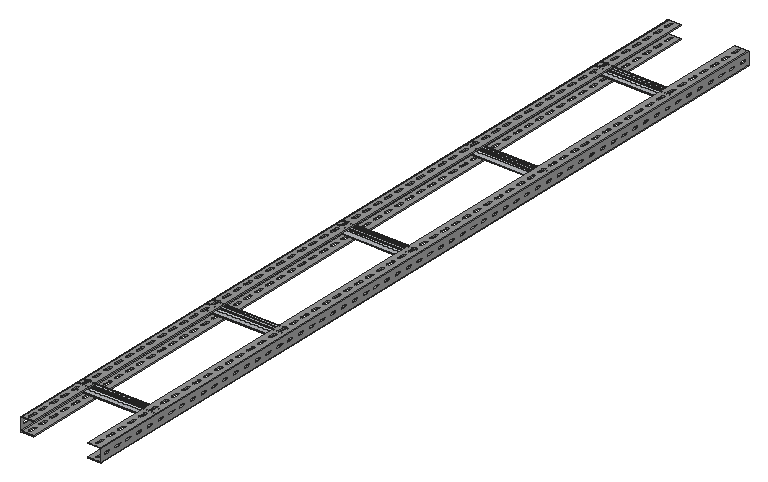
Revit family "steigeleiter_3_FT_FTSO_FTK_A2_A4.300rfa", category Generic Models, Revit 2017
Family settings
  Can host rebar = No
  Round Connector Dimension = Use Diameter
  Part Type = Normal
  Work Plane-Based = No
  Always vertical = Yes
  Cut with Voids When Loaded = No
  Shared = No
  Room Calculation Point = No
Parameters (values of type "SLM50C40 3FTK RW")
  Width 1 = Width / 2  # 150 mm
  Width = 300 mm
  URL = "http://www.obo-bettermann.com"
  Material = Polyester / Epoxid
  Manufacturer Art.No. = "6010570"
  Manufacturer = "OBO BETTERMANN"
  Length 2 = 273.5 mm
  Length = 3000 mm
  GTIN = "4012196691326"
  Cut's space 2 = 600 mm
  Cut's space = 50 mm
  Cut's number 2 = 5
  Cut's number = Length / Cut's space  # 60
  Article Type = "SLM50C40 3FTK RW"
Reference planes
  plane 1 "Center (Front/Back)": y = 0
  plane 2: z = 0
  plane 3 "Center (Left/Right)": x = 0
  plane 4: z = 50
  plane 5: y = 3000
  plane 6: y = 273.5
Forms (mm)
  Extrusion 1, solid, material "Polyester / Epoxid" <- "Material"
    sketch origin (0, 0, 0) x (1, 0, 0) y (0, 0, 1)
      loop
        arc (-146, 2.5) -> (-147.061, 2.939) -> (-147.5, 4) r 1.5
        line (-147.5, 4) -> (-147.5, 46)
        arc (-147.5, 46) -> (-147.061, 47.061) -> (-146, 47.5) r 1.5
        line (-146, 47.5) -> (-100, 47.5) -> (-100, 50) -> (-146, 50)
        arc (-146, 50) -> (-148.828, 48.828) -> (-150, 46) r 4
        line (-150, 46) -> (-150, 4)
        arc (-150, 4) -> (-148.828, 1.172) -> (-146, 0) r 4
        line (-146, 0) -> (-100, 0) -> (-100, 2.5) -> (-146, 2.5)
      loop
        line (100, 50) -> (100, 47.5) -> (146, 47.5)
        arc (146, 47.5) -> (147.061, 47.061) -> (147.5, 46) r 1.5
        line (147.5, 46) -> (147.5, 4)
        arc (147.5, 4) -> (147.061, 2.939) -> (146, 2.5) r 1.5
        line (146, 2.5) -> (100, 2.5) -> (100, 0) -> (149.273, 0)
        arc (149.273, 0) -> (149.787, 0.213) -> (150, 0.727) r 0.727
        line (150, 0.727) -> (150, 47.011)
        arc (150, 47.011) -> (149.124, 49.124) -> (147.011, 50) r 2.989
        line (147.011, 50) -> (100, 50)
    from 0 to -3000
  Extrusion 2, void
    sketch origin (0, 0, 0) x (1, 0, 0) y (0, 1, 0)
      loop
        arc (-130.5, 15.5) -> (-125, 10) -> (-119.5, 15.5) r 5.5
        line (-119.5, 15.5) -> (-119.5, 34.5)
        arc (-119.5, 34.5) -> (-125, 40) -> (-130.5, 34.5) r 5.5
        line (-130.5, 34.5) -> (-130.5, 15.5)
    from 47.5 to 50
  Extrusion 3, void
    sketch origin (0, 0, 0) x (1, 0, 0) y (0, 1, 0)
      loop
        arc (119.5, 15.5) -> (125, 10) -> (130.5, 15.5) r 5.5
        line (130.5, 15.5) -> (130.5, 34.5)
        arc (130.5, 34.5) -> (125, 40) -> (119.5, 34.5) r 5.5
        line (119.5, 34.5) -> (119.5, 15.5)
    from 47.5 to 50
  Extrusion 4, void
    sketch origin (0, 0, 0) x (1, 0, 0) y (0, 1, 0)
      loop
        line (130.5, 15.5) -> (130.5, 34.5)
        arc (130.5, 34.5) -> (125, 40) -> (119.5, 34.5) r 5.5
        line (119.5, 34.5) -> (119.5, 15.5)
        arc (119.5, 15.5) -> (125, 10) -> (130.5, 15.5) r 5.5
    from 0 to 2.5
  Extrusion 5, void
    sketch origin (0, 50, 0) x (1, 0, 0) y (0, 1, 0)
      loop
        line (130.5, 15.5) -> (130.5, 34.5)
        arc (130.5, 34.5) -> (125, 40) -> (119.5, 34.5) r 5.5
        line (119.5, 34.5) -> (119.5, 15.5)
        arc (119.5, 15.5) -> (125, 10) -> (130.5, 15.5) r 5.5
    from 0 to 2.5
  Extrusion 6, void
    sketch origin (0, 100, 0) x (1, 0, 0) y (0, 1, 0)
      loop
        line (130.5, 15.5) -> (130.5, 34.5)
        arc (130.5, 34.5) -> (125, 40) -> (119.5, 34.5) r 5.5
        line (119.5, 34.5) -> (119.5, 15.5)
        arc (119.5, 15.5) -> (125, 10) -> (130.5, 15.5) r 5.5
    from 0 to 2.5
  Extrusion 7, void
    sketch origin (0, 150, 0) x (1, 0, 0) y (0, 1, 0)
      loop
        line (130.5, 15.5) -> (130.5, 34.5)
        arc (130.5, 34.5) -> (125, 40) -> (119.5, 34.5) r 5.5
        line (119.5, 34.5) -> (119.5, 15.5)
        arc (119.5, 15.5) -> (125, 10) -> (130.5, 15.5) r 5.5
    from 0 to 2.5
  Extrusion 8, void
    sketch origin (0, 200, 0) x (1, 0, 0) y (0, 1, 0)
      loop
        line (130.5, 15.5) -> (130.5, 34.5)
        arc (130.5, 34.5) -> (125, 40) -> (119.5, 34.5) r 5.5
        line (119.5, 34.5) -> (119.5, 15.5)
        arc (119.5, 15.5) -> (125, 10) -> (130.5, 15.5) r 5.5
    from 0 to 2.5
  Extrusion 9, void
    sketch origin (0, 250, 0) x (1, 0, 0) y (0, 1, 0)
      loop
        line (130.5, 15.5) -> (130.5, 34.5)
        arc (130.5, 34.5) -> (125, 40) -> (119.5, 34.5) r 5.5
        line (119.5, 34.5) -> (119.5, 15.5)
        arc (119.5, 15.5) -> (125, 10) -> (130.5, 15.5) r 5.5
    from 0 to 2.5
  Extrusion 10, void
    sketch origin (0, 300, 0) x (1, 0, 0) y (0, 1, 0)
      loop
        line (130.5, 15.5) -> (130.5, 34.5)
        arc (130.5, 34.5) -> (125, 40) -> (119.5, 34.5) r 5.5
        line (119.5, 34.5) -> (119.5, 15.5)
        arc (119.5, 15.5) -> (125, 10) -> (130.5, 15.5) r 5.5
    from 0 to 2.5
  Extrusion 11, void
    sketch origin (0, 350, 0) x (1, 0, 0) y (0, 1, 0)
      loop
        line (130.5, 15.5) -> (130.5, 34.5)
        arc (130.5, 34.5) -> (125, 40) -> (119.5, 34.5) r 5.5
        line (119.5, 34.5) -> (119.5, 15.5)
        arc (119.5, 15.5) -> (125, 10) -> (130.5, 15.5) r 5.5
    from 0 to 2.5
  Extrusion 12, void
    sketch origin (0, 400, 0) x (1, 0, 0) y (0, 1, 0)
      loop
        line (130.5, 15.5) -> (130.5, 34.5)
        arc (130.5, 34.5) -> (125, 40) -> (119.5, 34.5) r 5.5
        line (119.5, 34.5) -> (119.5, 15.5)
        arc (119.5, 15.5) -> (125, 10) -> (130.5, 15.5) r 5.5
    from 0 to 2.5
  Extrusion 13, void
    sketch origin (0, 450, 0) x (1, 0, 0) y (0, 1, 0)
      loop
        line (130.5, 15.5) -> (130.5, 34.5)
        arc (130.5, 34.5) -> (125, 40) -> (119.5, 34.5) r 5.5
        line (119.5, 34.5) -> (119.5, 15.5)
        arc (119.5, 15.5) -> (125, 10) -> (130.5, 15.5) r 5.5
    from 0 to 2.5
  Extrusion 14, void
    sketch origin (0, 500, 0) x (1, 0, 0) y (0, 1, 0)
      loop
        line (130.5, 15.5) -> (130.5, 34.5)
        arc (130.5, 34.5) -> (125, 40) -> (119.5, 34.5) r 5.5
        line (119.5, 34.5) -> (119.5, 15.5)
        arc (119.5, 15.5) -> (125, 10) -> (130.5, 15.5) r 5.5
    from 0 to 2.5
  Extrusion 15, void
    sketch origin (0, 550, 0) x (1, 0, 0) y (0, 1, 0)
      loop
        line (130.5, 15.5) -> (130.5, 34.5)
        arc (130.5, 34.5) -> (125, 40) -> (119.5, 34.5) r 5.5
        line (119.5, 34.5) -> (119.5, 15.5)
        arc (119.5, 15.5) -> (125, 10) -> (130.5, 15.5) r 5.5
    from 0 to 2.5
  Extrusion 16, void
    sketch origin (0, 600, 0) x (1, 0, 0) y (0, 1, 0)
      loop
        line (130.5, 15.5) -> (130.5, 34.5)
        arc (130.5, 34.5) -> (125, 40) -> (119.5, 34.5) r 5.5
        line (119.5, 34.5) -> (119.5, 15.5)
        arc (119.5, 15.5) -> (125, 10) -> (130.5, 15.5) r 5.5
    from 0 to 2.5
  Extrusion 17, void
    sketch origin (0, 650, 0) x (1, 0, 0) y (0, 1, 0)
      loop
        line (130.5, 15.5) -> (130.5, 34.5)
        arc (130.5, 34.5) -> (125, 40) -> (119.5, 34.5) r 5.5
        line (119.5, 34.5) -> (119.5, 15.5)
        arc (119.5, 15.5) -> (125, 10) -> (130.5, 15.5) r 5.5
    from 0 to 2.5
  Extrusion 18, void
    sketch origin (0, 700, 0) x (1, 0, 0) y (0, 1, 0)
      loop
        line (130.5, 15.5) -> (130.5, 34.5)
        arc (130.5, 34.5) -> (125, 40) -> (119.5, 34.5) r 5.5
        line (119.5, 34.5) -> (119.5, 15.5)
        arc (119.5, 15.5) -> (125, 10) -> (130.5, 15.5) r 5.5
    from 0 to 2.5
  Extrusion 19, void
    sketch origin (0, 750, 0) x (1, 0, 0) y (0, 1, 0)
      loop
        line (130.5, 15.5) -> (130.5, 34.5)
        arc (130.5, 34.5) -> (125, 40) -> (119.5, 34.5) r 5.5
        line (119.5, 34.5) -> (119.5, 15.5)
        arc (119.5, 15.5) -> (125, 10) -> (130.5, 15.5) r 5.5
    from 0 to 2.5
  Extrusion 20, void
    sketch origin (0, 800, 0) x (1, 0, 0) y (0, 1, 0)
      loop
        line (130.5, 15.5) -> (130.5, 34.5)
        arc (130.5, 34.5) -> (125, 40) -> (119.5, 34.5) r 5.5
        line (119.5, 34.5) -> (119.5, 15.5)
        arc (119.5, 15.5) -> (125, 10) -> (130.5, 15.5) r 5.5
    from 0 to 2.5
  Extrusion 21, void
    sketch origin (0, 850, 0) x (1, 0, 0) y (0, 1, 0)
      loop
        line (130.5, 15.5) -> (130.5, 34.5)
        arc (130.5, 34.5) -> (125, 40) -> (119.5, 34.5) r 5.5
        line (119.5, 34.5) -> (119.5, 15.5)
        arc (119.5, 15.5) -> (125, 10) -> (130.5, 15.5) r 5.5
    from 0 to 2.5
  Extrusion 22, void
    sketch origin (0, 900, 0) x (1, 0, 0) y (0, 1, 0)
      loop
        line (130.5, 15.5) -> (130.5, 34.5)
        arc (130.5, 34.5) -> (125, 40) -> (119.5, 34.5) r 5.5
        line (119.5, 34.5) -> (119.5, 15.5)
        arc (119.5, 15.5) -> (125, 10) -> (130.5, 15.5) r 5.5
    from 0 to 2.5
  Extrusion 23, void
    sketch origin (0, 950, 0) x (1, 0, 0) y (0, 1, 0)
      loop
        line (130.5, 15.5) -> (130.5, 34.5)
        arc (130.5, 34.5) -> (125, 40) -> (119.5, 34.5) r 5.5
        line (119.5, 34.5) -> (119.5, 15.5)
        arc (119.5, 15.5) -> (125, 10) -> (130.5, 15.5) r 5.5
    from 0 to 2.5
  Extrusion 24, void
    sketch origin (0, 1000, 0) x (1, 0, 0) y (0, 1, 0)
      loop
        line (130.5, 15.5) -> (130.5, 34.5)
        arc (130.5, 34.5) -> (125, 40) -> (119.5, 34.5) r 5.5
        line (119.5, 34.5) -> (119.5, 15.5)
        arc (119.5, 15.5) -> (125, 10) -> (130.5, 15.5) r 5.5
    from 0 to 2.5
  Extrusion 25, void
    sketch origin (0, 1050, 0) x (1, 0, 0) y (0, 1, 0)
      loop
        line (130.5, 15.5) -> (130.5, 34.5)
        arc (130.5, 34.5) -> (125, 40) -> (119.5, 34.5) r 5.5
        line (119.5, 34.5) -> (119.5, 15.5)
        arc (119.5, 15.5) -> (125, 10) -> (130.5, 15.5) r 5.5
    from 0 to 2.5
  Extrusion 26, void
    sketch origin (0, 1100, 0) x (1, 0, 0) y (0, 1, 0)
      loop
        line (130.5, 15.5) -> (130.5, 34.5)
        arc (130.5, 34.5) -> (125, 40) -> (119.5, 34.5) r 5.5
        line (119.5, 34.5) -> (119.5, 15.5)
        arc (119.5, 15.5) -> (125, 10) -> (130.5, 15.5) r 5.5
    from 0 to 2.5
  Extrusion 27, void
    sketch origin (0, 1150, 0) x (1, 0, 0) y (0, 1, 0)
      loop
        line (130.5, 15.5) -> (130.5, 34.5)
        arc (130.5, 34.5) -> (125, 40) -> (119.5, 34.5) r 5.5
        line (119.5, 34.5) -> (119.5, 15.5)
        arc (119.5, 15.5) -> (125, 10) -> (130.5, 15.5) r 5.5
    from 0 to 2.5
  Extrusion 28, void
    sketch origin (0, 1200, 0) x (1, 0, 0) y (0, 1, 0)
      loop
        line (130.5, 15.5) -> (130.5, 34.5)
        arc (130.5, 34.5) -> (125, 40) -> (119.5, 34.5) r 5.5
        line (119.5, 34.5) -> (119.5, 15.5)
        arc (119.5, 15.5) -> (125, 10) -> (130.5, 15.5) r 5.5
    from 0 to 2.5
  Extrusion 29, void
    sketch origin (0, 1250, 0) x (1, 0, 0) y (0, 1, 0)
      loop
        line (130.5, 15.5) -> (130.5, 34.5)
        arc (130.5, 34.5) -> (125, 40) -> (119.5, 34.5) r 5.5
        line (119.5, 34.5) -> (119.5, 15.5)
        arc (119.5, 15.5) -> (125, 10) -> (130.5, 15.5) r 5.5
    from 0 to 2.5
  Extrusion 30, void
    sketch origin (0, 1300, 0) x (1, 0, 0) y (0, 1, 0)
      loop
        line (130.5, 15.5) -> (130.5, 34.5)
        arc (130.5, 34.5) -> (125, 40) -> (119.5, 34.5) r 5.5
        line (119.5, 34.5) -> (119.5, 15.5)
        arc (119.5, 15.5) -> (125, 10) -> (130.5, 15.5) r 5.5
    from 0 to 2.5
  Extrusion 31, void
    sketch origin (0, 1350, 0) x (1, 0, 0) y (0, 1, 0)
      loop
        line (130.5, 15.5) -> (130.5, 34.5)
        arc (130.5, 34.5) -> (125, 40) -> (119.5, 34.5) r 5.5
        line (119.5, 34.5) -> (119.5, 15.5)
        arc (119.5, 15.5) -> (125, 10) -> (130.5, 15.5) r 5.5
    from 0 to 2.5
  Extrusion 32, void
    sketch origin (0, 1400, 0) x (1, 0, 0) y (0, 1, 0)
      loop
        line (130.5, 15.5) -> (130.5, 34.5)
        arc (130.5, 34.5) -> (125, 40) -> (119.5, 34.5) r 5.5
        line (119.5, 34.5) -> (119.5, 15.5)
        arc (119.5, 15.5) -> (125, 10) -> (130.5, 15.5) r 5.5
    from 0 to 2.5
  Extrusion 33, void
    sketch origin (0, 1450, 0) x (1, 0, 0) y (0, 1, 0)
      loop
        line (130.5, 15.5) -> (130.5, 34.5)
        arc (130.5, 34.5) -> (125, 40) -> (119.5, 34.5) r 5.5
        line (119.5, 34.5) -> (119.5, 15.5)
        arc (119.5, 15.5) -> (125, 10) -> (130.5, 15.5) r 5.5
    from 0 to 2.5
  Extrusion 34, void
    sketch origin (0, 1500, 0) x (1, 0, 0) y (0, 1, 0)
      loop
        line (130.5, 15.5) -> (130.5, 34.5)
        arc (130.5, 34.5) -> (125, 40) -> (119.5, 34.5) r 5.5
        line (119.5, 34.5) -> (119.5, 15.5)
        arc (119.5, 15.5) -> (125, 10) -> (130.5, 15.5) r 5.5
    from 0 to 2.5
  Extrusion 35, void
    sketch origin (0, 1550, 0) x (1, 0, 0) y (0, 1, 0)
      loop
        line (130.5, 15.5) -> (130.5, 34.5)
        arc (130.5, 34.5) -> (125, 40) -> (119.5, 34.5) r 5.5
        line (119.5, 34.5) -> (119.5, 15.5)
        arc (119.5, 15.5) -> (125, 10) -> (130.5, 15.5) r 5.5
    from 0 to 2.5
  Extrusion 36, void
    sketch origin (0, 1600, 0) x (1, 0, 0) y (0, 1, 0)
      loop
        line (130.5, 15.5) -> (130.5, 34.5)
        arc (130.5, 34.5) -> (125, 40) -> (119.5, 34.5) r 5.5
        line (119.5, 34.5) -> (119.5, 15.5)
        arc (119.5, 15.5) -> (125, 10) -> (130.5, 15.5) r 5.5
    from 0 to 2.5
  Extrusion 37, void
    sketch origin (0, 1650, 0) x (1, 0, 0) y (0, 1, 0)
      loop
        line (130.5, 15.5) -> (130.5, 34.5)
        arc (130.5, 34.5) -> (125, 40) -> (119.5, 34.5) r 5.5
        line (119.5, 34.5) -> (119.5, 15.5)
        arc (119.5, 15.5) -> (125, 10) -> (130.5, 15.5) r 5.5
    from 0 to 2.5
  Extrusion 38, void
    sketch origin (0, 1700, 0) x (1, 0, 0) y (0, 1, 0)
      loop
        line (130.5, 15.5) -> (130.5, 34.5)
        arc (130.5, 34.5) -> (125, 40) -> (119.5, 34.5) r 5.5
        line (119.5, 34.5) -> (119.5, 15.5)
        arc (119.5, 15.5) -> (125, 10) -> (130.5, 15.5) r 5.5
    from 0 to 2.5
  Extrusion 39, void
    sketch origin (0, 1750, 0) x (1, 0, 0) y (0, 1, 0)
      loop
        line (130.5, 15.5) -> (130.5, 34.5)
        arc (130.5, 34.5) -> (125, 40) -> (119.5, 34.5) r 5.5
        line (119.5, 34.5) -> (119.5, 15.5)
        arc (119.5, 15.5) -> (125, 10) -> (130.5, 15.5) r 5.5
    from 0 to 2.5
  Extrusion 40, void
    sketch origin (0, 1800, 0) x (1, 0, 0) y (0, 1, 0)
      loop
        line (130.5, 15.5) -> (130.5, 34.5)
        arc (130.5, 34.5) -> (125, 40) -> (119.5, 34.5) r 5.5
        line (119.5, 34.5) -> (119.5, 15.5)
        arc (119.5, 15.5) -> (125, 10) -> (130.5, 15.5) r 5.5
    from 0 to 2.5
  Extrusion 41, void
    sketch origin (0, 1850, 0) x (1, 0, 0) y (0, 1, 0)
      loop
        line (130.5, 15.5) -> (130.5, 34.5)
        arc (130.5, 34.5) -> (125, 40) -> (119.5, 34.5) r 5.5
        line (119.5, 34.5) -> (119.5, 15.5)
        arc (119.5, 15.5) -> (125, 10) -> (130.5, 15.5) r 5.5
    from 0 to 2.5
  Extrusion 42, void
    sketch origin (0, 1900, 0) x (1, 0, 0) y (0, 1, 0)
      loop
        line (130.5, 15.5) -> (130.5, 34.5)
        arc (130.5, 34.5) -> (125, 40) -> (119.5, 34.5) r 5.5
        line (119.5, 34.5) -> (119.5, 15.5)
        arc (119.5, 15.5) -> (125, 10) -> (130.5, 15.5) r 5.5
    from 0 to 2.5
  Extrusion 43, void
    sketch origin (0, 1950, 0) x (1, 0, 0) y (0, 1, 0)
      loop
        line (130.5, 15.5) -> (130.5, 34.5)
        arc (130.5, 34.5) -> (125, 40) -> (119.5, 34.5) r 5.5
        line (119.5, 34.5) -> (119.5, 15.5)
        arc (119.5, 15.5) -> (125, 10) -> (130.5, 15.5) r 5.5
    from 0 to 2.5
  Extrusion 44, void
    sketch origin (0, 2000, 0) x (1, 0, 0) y (0, 1, 0)
      loop
        line (130.5, 15.5) -> (130.5, 34.5)
        arc (130.5, 34.5) -> (125, 40) -> (119.5, 34.5) r 5.5
        line (119.5, 34.5) -> (119.5, 15.5)
        arc (119.5, 15.5) -> (125, 10) -> (130.5, 15.5) r 5.5
    from 0 to 2.5
  Extrusion 45, void
    sketch origin (0, 2050, 0) x (1, 0, 0) y (0, 1, 0)
      loop
        line (130.5, 15.5) -> (130.5, 34.5)
        arc (130.5, 34.5) -> (125, 40) -> (119.5, 34.5) r 5.5
        line (119.5, 34.5) -> (119.5, 15.5)
        arc (119.5, 15.5) -> (125, 10) -> (130.5, 15.5) r 5.5
    from 0 to 2.5
  Extrusion 46, void
    sketch origin (0, 2100, 0) x (1, 0, 0) y (0, 1, 0)
      loop
        line (130.5, 15.5) -> (130.5, 34.5)
        arc (130.5, 34.5) -> (125, 40) -> (119.5, 34.5) r 5.5
        line (119.5, 34.5) -> (119.5, 15.5)
        arc (119.5, 15.5) -> (125, 10) -> (130.5, 15.5) r 5.5
    from 0 to 2.5
  Extrusion 47, void
    sketch origin (0, 2150, 0) x (1, 0, 0) y (0, 1, 0)
      loop
        line (130.5, 15.5) -> (130.5, 34.5)
        arc (130.5, 34.5) -> (125, 40) -> (119.5, 34.5) r 5.5
        line (119.5, 34.5) -> (119.5, 15.5)
        arc (119.5, 15.5) -> (125, 10) -> (130.5, 15.5) r 5.5
    from 0 to 2.5
  Extrusion 48, void
    sketch origin (0, 2200, 0) x (1, 0, 0) y (0, 1, 0)
      loop
        line (130.5, 15.5) -> (130.5, 34.5)
        arc (130.5, 34.5) -> (125, 40) -> (119.5, 34.5) r 5.5
        line (119.5, 34.5) -> (119.5, 15.5)
        arc (119.5, 15.5) -> (125, 10) -> (130.5, 15.5) r 5.5
    from 0 to 2.5
  Extrusion 49, void
    sketch origin (0, 2250, 0) x (1, 0, 0) y (0, 1, 0)
      loop
        line (130.5, 15.5) -> (130.5, 34.5)
        arc (130.5, 34.5) -> (125, 40) -> (119.5, 34.5) r 5.5
        line (119.5, 34.5) -> (119.5, 15.5)
        arc (119.5, 15.5) -> (125, 10) -> (130.5, 15.5) r 5.5
    from 0 to 2.5
  Extrusion 50, void
    sketch origin (0, 2300, 0) x (1, 0, 0) y (0, 1, 0)
      loop
        line (130.5, 15.5) -> (130.5, 34.5)
        arc (130.5, 34.5) -> (125, 40) -> (119.5, 34.5) r 5.5
        line (119.5, 34.5) -> (119.5, 15.5)
        arc (119.5, 15.5) -> (125, 10) -> (130.5, 15.5) r 5.5
    from 0 to 2.5
  Extrusion 51, void
    sketch origin (0, 2350, 0) x (1, 0, 0) y (0, 1, 0)
      loop
        line (130.5, 15.5) -> (130.5, 34.5)
        arc (130.5, 34.5) -> (125, 40) -> (119.5, 34.5) r 5.5
        line (119.5, 34.5) -> (119.5, 15.5)
        arc (119.5, 15.5) -> (125, 10) -> (130.5, 15.5) r 5.5
    from 0 to 2.5
  Extrusion 52, void
    sketch origin (0, 2400, 0) x (1, 0, 0) y (0, 1, 0)
      loop
        line (130.5, 15.5) -> (130.5, 34.5)
        arc (130.5, 34.5) -> (125, 40) -> (119.5, 34.5) r 5.5
        line (119.5, 34.5) -> (119.5, 15.5)
        arc (119.5, 15.5) -> (125, 10) -> (130.5, 15.5) r 5.5
    from 0 to 2.5
  Extrusion 53, void
    sketch origin (0, 2450, 0) x (1, 0, 0) y (0, 1, 0)
      loop
        line (130.5, 15.5) -> (130.5, 34.5)
        arc (130.5, 34.5) -> (125, 40) -> (119.5, 34.5) r 5.5
        line (119.5, 34.5) -> (119.5, 15.5)
        arc (119.5, 15.5) -> (125, 10) -> (130.5, 15.5) r 5.5
    from 0 to 2.5
  Extrusion 54, void
    sketch origin (0, 2500, 0) x (1, 0, 0) y (0, 1, 0)
      loop
        line (130.5, 15.5) -> (130.5, 34.5)
        arc (130.5, 34.5) -> (125, 40) -> (119.5, 34.5) r 5.5
        line (119.5, 34.5) -> (119.5, 15.5)
        arc (119.5, 15.5) -> (125, 10) -> (130.5, 15.5) r 5.5
    from 0 to 2.5
  Extrusion 55, void
    sketch origin (0, 2550, 0) x (1, 0, 0) y (0, 1, 0)
      loop
        line (130.5, 15.5) -> (130.5, 34.5)
        arc (130.5, 34.5) -> (125, 40) -> (119.5, 34.5) r 5.5
        line (119.5, 34.5) -> (119.5, 15.5)
        arc (119.5, 15.5) -> (125, 10) -> (130.5, 15.5) r 5.5
    from 0 to 2.5
  Extrusion 56, void
    sketch origin (0, 2600, 0) x (1, 0, 0) y (0, 1, 0)
      loop
        line (130.5, 15.5) -> (130.5, 34.5)
        arc (130.5, 34.5) -> (125, 40) -> (119.5, 34.5) r 5.5
        line (119.5, 34.5) -> (119.5, 15.5)
        arc (119.5, 15.5) -> (125, 10) -> (130.5, 15.5) r 5.5
    from 0 to 2.5
  Extrusion 57, void
    sketch origin (0, 2650, 0) x (1, 0, 0) y (0, 1, 0)
      loop
        line (130.5, 15.5) -> (130.5, 34.5)
        arc (130.5, 34.5) -> (125, 40) -> (119.5, 34.5) r 5.5
        line (119.5, 34.5) -> (119.5, 15.5)
        arc (119.5, 15.5) -> (125, 10) -> (130.5, 15.5) r 5.5
    from 0 to 2.5
  Extrusion 58, void
    sketch origin (0, 2700, 0) x (1, 0, 0) y (0, 1, 0)
      loop
        line (130.5, 15.5) -> (130.5, 34.5)
        arc (130.5, 34.5) -> (125, 40) -> (119.5, 34.5) r 5.5
        line (119.5, 34.5) -> (119.5, 15.5)
        arc (119.5, 15.5) -> (125, 10) -> (130.5, 15.5) r 5.5
    from 0 to 2.5
  Extrusion 59, void
    sketch origin (0, 2750, 0) x (1, 0, 0) y (0, 1, 0)
      loop
        line (130.5, 15.5) -> (130.5, 34.5)
        arc (130.5, 34.5) -> (125, 40) -> (119.5, 34.5) r 5.5
        line (119.5, 34.5) -> (119.5, 15.5)
        arc (119.5, 15.5) -> (125, 10) -> (130.5, 15.5) r 5.5
    from 0 to 2.5
  Extrusion 60, void
    sketch origin (0, 2800, 0) x (1, 0, 0) y (0, 1, 0)
      loop
        line (130.5, 15.5) -> (130.5, 34.5)
        arc (130.5, 34.5) -> (125, 40) -> (119.5, 34.5) r 5.5
        line (119.5, 34.5) -> (119.5, 15.5)
        arc (119.5, 15.5) -> (125, 10) -> (130.5, 15.5) r 5.5
    from 0 to 2.5
  Extrusion 61, void
    sketch origin (0, 2850, 0) x (1, 0, 0) y (0, 1, 0)
      loop
        line (130.5, 15.5) -> (130.5, 34.5)
        arc (130.5, 34.5) -> (125, 40) -> (119.5, 34.5) r 5.5
        line (119.5, 34.5) -> (119.5, 15.5)
        arc (119.5, 15.5) -> (125, 10) -> (130.5, 15.5) r 5.5
    from 0 to 2.5
  Extrusion 62, void
    sketch origin (0, 2900, 0) x (1, 0, 0) y (0, 1, 0)
      loop
        line (130.5, 15.5) -> (130.5, 34.5)
        arc (130.5, 34.5) -> (125, 40) -> (119.5, 34.5) r 5.5
        line (119.5, 34.5) -> (119.5, 15.5)
        arc (119.5, 15.5) -> (125, 10) -> (130.5, 15.5) r 5.5
    from 0 to 2.5
  Extrusion 63, void
    sketch origin (0, 2950, 0) x (1, 0, 0) y (0, 1, 0)
      loop
        line (130.5, 15.5) -> (130.5, 34.5)
        arc (130.5, 34.5) -> (125, 40) -> (119.5, 34.5) r 5.5
        line (119.5, 34.5) -> (119.5, 15.5)
        arc (119.5, 15.5) -> (125, 10) -> (130.5, 15.5) r 5.5
    from 0 to 2.5
  Extrusion 64, void
    sketch origin (0, 0, 0) x (1, 0, 0) y (0, 1, 0)
      loop
        line (-119.5, 15.5) -> (-119.5, 34.5)
        arc (-119.5, 34.5) -> (-125, 40) -> (-130.5, 34.5) r 5.5
        line (-130.5, 34.5) -> (-130.5, 15.5)
        arc (-130.5, 15.5) -> (-125, 10) -> (-119.5, 15.5) r 5.5
    from 0 to 2.5
  Extrusion 65, void
    sketch origin (0, 50, 0) x (1, 0, 0) y (0, 1, 0)
      loop
        arc (119.5, 15.5) -> (125, 10) -> (130.5, 15.5) r 5.5
        line (130.5, 15.5) -> (130.5, 34.5)
        arc (130.5, 34.5) -> (125, 40) -> (119.5, 34.5) r 5.5
        line (119.5, 34.5) -> (119.5, 15.5)
    from 47.5 to 50
  Extrusion 66, void
    sketch origin (0, 100, 0) x (1, 0, 0) y (0, 1, 0)
      loop
        arc (119.5, 15.5) -> (125, 10) -> (130.5, 15.5) r 5.5
        line (130.5, 15.5) -> (130.5, 34.5)
        arc (130.5, 34.5) -> (125, 40) -> (119.5, 34.5) r 5.5
        line (119.5, 34.5) -> (119.5, 15.5)
    from 47.5 to 50
  Extrusion 67, void
    sketch origin (0, 150, 0) x (1, 0, 0) y (0, 1, 0)
      loop
        arc (119.5, 15.5) -> (125, 10) -> (130.5, 15.5) r 5.5
        line (130.5, 15.5) -> (130.5, 34.5)
        arc (130.5, 34.5) -> (125, 40) -> (119.5, 34.5) r 5.5
        line (119.5, 34.5) -> (119.5, 15.5)
    from 47.5 to 50
  Extrusion 68, void
    sketch origin (0, 200, 0) x (1, 0, 0) y (0, 1, 0)
      loop
        arc (119.5, 15.5) -> (125, 10) -> (130.5, 15.5) r 5.5
        line (130.5, 15.5) -> (130.5, 34.5)
        arc (130.5, 34.5) -> (125, 40) -> (119.5, 34.5) r 5.5
        line (119.5, 34.5) -> (119.5, 15.5)
    from 47.5 to 50
  Extrusion 69, void
    sketch origin (0, 250, 0) x (1, 0, 0) y (0, 1, 0)
      loop
        arc (119.5, 15.5) -> (125, 10) -> (130.5, 15.5) r 5.5
        line (130.5, 15.5) -> (130.5, 34.5)
        arc (130.5, 34.5) -> (125, 40) -> (119.5, 34.5) r 5.5
        line (119.5, 34.5) -> (119.5, 15.5)
    from 47.5 to 50
  Extrusion 70, void
    sketch origin (0, 300, 0) x (1, 0, 0) y (0, 1, 0)
      loop
        arc (119.5, 15.5) -> (125, 10) -> (130.5, 15.5) r 5.5
        line (130.5, 15.5) -> (130.5, 34.5)
        arc (130.5, 34.5) -> (125, 40) -> (119.5, 34.5) r 5.5
        line (119.5, 34.5) -> (119.5, 15.5)
    from 47.5 to 50
  Extrusion 71, void
    sketch origin (0, 350, 0) x (1, 0, 0) y (0, 1, 0)
      loop
        arc (119.5, 15.5) -> (125, 10) -> (130.5, 15.5) r 5.5
        line (130.5, 15.5) -> (130.5, 34.5)
        arc (130.5, 34.5) -> (125, 40) -> (119.5, 34.5) r 5.5
        line (119.5, 34.5) -> (119.5, 15.5)
    from 47.5 to 50
  Extrusion 72, void
    sketch origin (0, 400, 0) x (1, 0, 0) y (0, 1, 0)
      loop
        arc (119.5, 15.5) -> (125, 10) -> (130.5, 15.5) r 5.5
        line (130.5, 15.5) -> (130.5, 34.5)
        arc (130.5, 34.5) -> (125, 40) -> (119.5, 34.5) r 5.5
        line (119.5, 34.5) -> (119.5, 15.5)
    from 47.5 to 50
  Extrusion 73, void
    sketch origin (0, 450, 0) x (1, 0, 0) y (0, 1, 0)
      loop
        arc (119.5, 15.5) -> (125, 10) -> (130.5, 15.5) r 5.5
        line (130.5, 15.5) -> (130.5, 34.5)
        arc (130.5, 34.5) -> (125, 40) -> (119.5, 34.5) r 5.5
        line (119.5, 34.5) -> (119.5, 15.5)
    from 47.5 to 50
  Extrusion 74, void
    sketch origin (0, 500, 0) x (1, 0, 0) y (0, 1, 0)
      loop
        arc (119.5, 15.5) -> (125, 10) -> (130.5, 15.5) r 5.5
        line (130.5, 15.5) -> (130.5, 34.5)
        arc (130.5, 34.5) -> (125, 40) -> (119.5, 34.5) r 5.5
        line (119.5, 34.5) -> (119.5, 15.5)
    from 47.5 to 50
  Extrusion 75, void
    sketch origin (0, 550, 0) x (1, 0, 0) y (0, 1, 0)
      loop
        arc (119.5, 15.5) -> (125, 10) -> (130.5, 15.5) r 5.5
        line (130.5, 15.5) -> (130.5, 34.5)
        arc (130.5, 34.5) -> (125, 40) -> (119.5, 34.5) r 5.5
        line (119.5, 34.5) -> (119.5, 15.5)
    from 47.5 to 50
  Extrusion 76, void
    sketch origin (0, 600, 0) x (1, 0, 0) y (0, 1, 0)
      loop
        arc (119.5, 15.5) -> (125, 10) -> (130.5, 15.5) r 5.5
        line (130.5, 15.5) -> (130.5, 34.5)
        arc (130.5, 34.5) -> (125, 40) -> (119.5, 34.5) r 5.5
        line (119.5, 34.5) -> (119.5, 15.5)
    from 47.5 to 50
  Extrusion 77, void
    sketch origin (0, 650, 0) x (1, 0, 0) y (0, 1, 0)
      loop
        arc (119.5, 15.5) -> (125, 10) -> (130.5, 15.5) r 5.5
        line (130.5, 15.5) -> (130.5, 34.5)
        arc (130.5, 34.5) -> (125, 40) -> (119.5, 34.5) r 5.5
        line (119.5, 34.5) -> (119.5, 15.5)
    from 47.5 to 50
  Extrusion 78, void
    sketch origin (0, 700, 0) x (1, 0, 0) y (0, 1, 0)
      loop
        arc (119.5, 15.5) -> (125, 10) -> (130.5, 15.5) r 5.5
        line (130.5, 15.5) -> (130.5, 34.5)
        arc (130.5, 34.5) -> (125, 40) -> (119.5, 34.5) r 5.5
        line (119.5, 34.5) -> (119.5, 15.5)
    from 47.5 to 50
  Extrusion 79, void
    sketch origin (0, 750, 0) x (1, 0, 0) y (0, 1, 0)
      loop
        arc (119.5, 15.5) -> (125, 10) -> (130.5, 15.5) r 5.5
        line (130.5, 15.5) -> (130.5, 34.5)
        arc (130.5, 34.5) -> (125, 40) -> (119.5, 34.5) r 5.5
        line (119.5, 34.5) -> (119.5, 15.5)
    from 47.5 to 50
  Extrusion 80, void
    sketch origin (0, 800, 0) x (1, 0, 0) y (0, 1, 0)
      loop
        arc (119.5, 15.5) -> (125, 10) -> (130.5, 15.5) r 5.5
        line (130.5, 15.5) -> (130.5, 34.5)
        arc (130.5, 34.5) -> (125, 40) -> (119.5, 34.5) r 5.5
        line (119.5, 34.5) -> (119.5, 15.5)
    from 47.5 to 50
  Extrusion 81, void
    sketch origin (0, 850, 0) x (1, 0, 0) y (0, 1, 0)
      loop
        arc (119.5, 15.5) -> (125, 10) -> (130.5, 15.5) r 5.5
        line (130.5, 15.5) -> (130.5, 34.5)
        arc (130.5, 34.5) -> (125, 40) -> (119.5, 34.5) r 5.5
        line (119.5, 34.5) -> (119.5, 15.5)
    from 47.5 to 50
  Extrusion 82, void
    sketch origin (0, 900, 0) x (1, 0, 0) y (0, 1, 0)
      loop
        arc (119.5, 15.5) -> (125, 10) -> (130.5, 15.5) r 5.5
        line (130.5, 15.5) -> (130.5, 34.5)
        arc (130.5, 34.5) -> (125, 40) -> (119.5, 34.5) r 5.5
        line (119.5, 34.5) -> (119.5, 15.5)
    from 47.5 to 50
  Extrusion 83, void
    sketch origin (0, 950, 0) x (1, 0, 0) y (0, 1, 0)
      loop
        arc (119.5, 15.5) -> (125, 10) -> (130.5, 15.5) r 5.5
        line (130.5, 15.5) -> (130.5, 34.5)
        arc (130.5, 34.5) -> (125, 40) -> (119.5, 34.5) r 5.5
        line (119.5, 34.5) -> (119.5, 15.5)
    from 47.5 to 50
  Extrusion 84, void
    sketch origin (0, 1000, 0) x (1, 0, 0) y (0, 1, 0)
      loop
        arc (119.5, 15.5) -> (125, 10) -> (130.5, 15.5) r 5.5
        line (130.5, 15.5) -> (130.5, 34.5)
        arc (130.5, 34.5) -> (125, 40) -> (119.5, 34.5) r 5.5
        line (119.5, 34.5) -> (119.5, 15.5)
    from 47.5 to 50
  Extrusion 85, void
    sketch origin (0, 1050, 0) x (1, 0, 0) y (0, 1, 0)
      loop
        arc (119.5, 15.5) -> (125, 10) -> (130.5, 15.5) r 5.5
        line (130.5, 15.5) -> (130.5, 34.5)
        arc (130.5, 34.5) -> (125, 40) -> (119.5, 34.5) r 5.5
        line (119.5, 34.5) -> (119.5, 15.5)
    from 47.5 to 50
  Extrusion 86, void
    sketch origin (0, 1100, 0) x (1, 0, 0) y (0, 1, 0)
      loop
        arc (119.5, 15.5) -> (125, 10) -> (130.5, 15.5) r 5.5
        line (130.5, 15.5) -> (130.5, 34.5)
        arc (130.5, 34.5) -> (125, 40) -> (119.5, 34.5) r 5.5
        line (119.5, 34.5) -> (119.5, 15.5)
    from 47.5 to 50
  Extrusion 87, void
    sketch origin (0, 1150, 0) x (1, 0, 0) y (0, 1, 0)
      loop
        arc (119.5, 15.5) -> (125, 10) -> (130.5, 15.5) r 5.5
        line (130.5, 15.5) -> (130.5, 34.5)
        arc (130.5, 34.5) -> (125, 40) -> (119.5, 34.5) r 5.5
        line (119.5, 34.5) -> (119.5, 15.5)
    from 47.5 to 50
  Extrusion 88, void
    sketch origin (0, 1200, 0) x (1, 0, 0) y (0, 1, 0)
      loop
        arc (119.5, 15.5) -> (125, 10) -> (130.5, 15.5) r 5.5
        line (130.5, 15.5) -> (130.5, 34.5)
        arc (130.5, 34.5) -> (125, 40) -> (119.5, 34.5) r 5.5
        line (119.5, 34.5) -> (119.5, 15.5)
    from 47.5 to 50
  Extrusion 89, void
    sketch origin (0, 1250, 0) x (1, 0, 0) y (0, 1, 0)
      loop
        arc (119.5, 15.5) -> (125, 10) -> (130.5, 15.5) r 5.5
        line (130.5, 15.5) -> (130.5, 34.5)
        arc (130.5, 34.5) -> (125, 40) -> (119.5, 34.5) r 5.5
        line (119.5, 34.5) -> (119.5, 15.5)
    from 47.5 to 50
  Extrusion 90, void
    sketch origin (0, 1300, 0) x (1, 0, 0) y (0, 1, 0)
      loop
        arc (119.5, 15.5) -> (125, 10) -> (130.5, 15.5) r 5.5
        line (130.5, 15.5) -> (130.5, 34.5)
        arc (130.5, 34.5) -> (125, 40) -> (119.5, 34.5) r 5.5
        line (119.5, 34.5) -> (119.5, 15.5)
    from 47.5 to 50
  Extrusion 91, void
    sketch origin (0, 1350, 0) x (1, 0, 0) y (0, 1, 0)
      loop
        arc (119.5, 15.5) -> (125, 10) -> (130.5, 15.5) r 5.5
        line (130.5, 15.5) -> (130.5, 34.5)
        arc (130.5, 34.5) -> (125, 40) -> (119.5, 34.5) r 5.5
        line (119.5, 34.5) -> (119.5, 15.5)
    from 47.5 to 50
  Extrusion 92, void
    sketch origin (0, 1400, 0) x (1, 0, 0) y (0, 1, 0)
      loop
        arc (119.5, 15.5) -> (125, 10) -> (130.5, 15.5) r 5.5
        line (130.5, 15.5) -> (130.5, 34.5)
        arc (130.5, 34.5) -> (125, 40) -> (119.5, 34.5) r 5.5
        line (119.5, 34.5) -> (119.5, 15.5)
    from 47.5 to 50
  Extrusion 93, void
    sketch origin (0, 1450, 0) x (1, 0, 0) y (0, 1, 0)
      loop
        arc (119.5, 15.5) -> (125, 10) -> (130.5, 15.5) r 5.5
        line (130.5, 15.5) -> (130.5, 34.5)
        arc (130.5, 34.5) -> (125, 40) -> (119.5, 34.5) r 5.5
        line (119.5, 34.5) -> (119.5, 15.5)
    from 47.5 to 50
  Extrusion 94, void
    sketch origin (0, 1500, 0) x (1, 0, 0) y (0, 1, 0)
      loop
        arc (119.5, 15.5) -> (125, 10) -> (130.5, 15.5) r 5.5
        line (130.5, 15.5) -> (130.5, 34.5)
        arc (130.5, 34.5) -> (125, 40) -> (119.5, 34.5) r 5.5
        line (119.5, 34.5) -> (119.5, 15.5)
    from 47.5 to 50
  Extrusion 95, void
    sketch origin (0, 1550, 0) x (1, 0, 0) y (0, 1, 0)
      loop
        arc (119.5, 15.5) -> (125, 10) -> (130.5, 15.5) r 5.5
        line (130.5, 15.5) -> (130.5, 34.5)
        arc (130.5, 34.5) -> (125, 40) -> (119.5, 34.5) r 5.5
        line (119.5, 34.5) -> (119.5, 15.5)
    from 47.5 to 50
  Extrusion 96, void
    sketch origin (0, 1600, 0) x (1, 0, 0) y (0, 1, 0)
      loop
        arc (119.5, 15.5) -> (125, 10) -> (130.5, 15.5) r 5.5
        line (130.5, 15.5) -> (130.5, 34.5)
        arc (130.5, 34.5) -> (125, 40) -> (119.5, 34.5) r 5.5
        line (119.5, 34.5) -> (119.5, 15.5)
    from 47.5 to 50
  Extrusion 97, void
    sketch origin (0, 1650, 0) x (1, 0, 0) y (0, 1, 0)
      loop
        arc (119.5, 15.5) -> (125, 10) -> (130.5, 15.5) r 5.5
        line (130.5, 15.5) -> (130.5, 34.5)
        arc (130.5, 34.5) -> (125, 40) -> (119.5, 34.5) r 5.5
        line (119.5, 34.5) -> (119.5, 15.5)
    from 47.5 to 50
  Extrusion 98, void
    sketch origin (0, 1700, 0) x (1, 0, 0) y (0, 1, 0)
      loop
        arc (119.5, 15.5) -> (125, 10) -> (130.5, 15.5) r 5.5
        line (130.5, 15.5) -> (130.5, 34.5)
        arc (130.5, 34.5) -> (125, 40) -> (119.5, 34.5) r 5.5
        line (119.5, 34.5) -> (119.5, 15.5)
    from 47.5 to 50
  Extrusion 99, void
    sketch origin (0, 1750, 0) x (1, 0, 0) y (0, 1, 0)
      loop
        arc (119.5, 15.5) -> (125, 10) -> (130.5, 15.5) r 5.5
        line (130.5, 15.5) -> (130.5, 34.5)
        arc (130.5, 34.5) -> (125, 40) -> (119.5, 34.5) r 5.5
        line (119.5, 34.5) -> (119.5, 15.5)
    from 47.5 to 50
  Extrusion 100, void
    sketch origin (0, 1800, 0) x (1, 0, 0) y (0, 1, 0)
      loop
        arc (119.5, 15.5) -> (125, 10) -> (130.5, 15.5) r 5.5
        line (130.5, 15.5) -> (130.5, 34.5)
        arc (130.5, 34.5) -> (125, 40) -> (119.5, 34.5) r 5.5
        line (119.5, 34.5) -> (119.5, 15.5)
    from 47.5 to 50
  Extrusion 101, void
    sketch origin (0, 1850, 0) x (1, 0, 0) y (0, 1, 0)
      loop
        arc (119.5, 15.5) -> (125, 10) -> (130.5, 15.5) r 5.5
        line (130.5, 15.5) -> (130.5, 34.5)
        arc (130.5, 34.5) -> (125, 40) -> (119.5, 34.5) r 5.5
        line (119.5, 34.5) -> (119.5, 15.5)
    from 47.5 to 50
  Extrusion 102, void
    sketch origin (0, 1900, 0) x (1, 0, 0) y (0, 1, 0)
      loop
        arc (119.5, 15.5) -> (125, 10) -> (130.5, 15.5) r 5.5
        line (130.5, 15.5) -> (130.5, 34.5)
        arc (130.5, 34.5) -> (125, 40) -> (119.5, 34.5) r 5.5
        line (119.5, 34.5) -> (119.5, 15.5)
    from 47.5 to 50
  Extrusion 103, void
    sketch origin (0, 1950, 0) x (1, 0, 0) y (0, 1, 0)
      loop
        arc (119.5, 15.5) -> (125, 10) -> (130.5, 15.5) r 5.5
        line (130.5, 15.5) -> (130.5, 34.5)
        arc (130.5, 34.5) -> (125, 40) -> (119.5, 34.5) r 5.5
        line (119.5, 34.5) -> (119.5, 15.5)
    from 47.5 to 50
  Extrusion 104, void
    sketch origin (0, 2000, 0) x (1, 0, 0) y (0, 1, 0)
      loop
        arc (119.5, 15.5) -> (125, 10) -> (130.5, 15.5) r 5.5
        line (130.5, 15.5) -> (130.5, 34.5)
        arc (130.5, 34.5) -> (125, 40) -> (119.5, 34.5) r 5.5
        line (119.5, 34.5) -> (119.5, 15.5)
    from 47.5 to 50
  Extrusion 105, void
    sketch origin (0, 2050, 0) x (1, 0, 0) y (0, 1, 0)
      loop
        arc (119.5, 15.5) -> (125, 10) -> (130.5, 15.5) r 5.5
        line (130.5, 15.5) -> (130.5, 34.5)
        arc (130.5, 34.5) -> (125, 40) -> (119.5, 34.5) r 5.5
        line (119.5, 34.5) -> (119.5, 15.5)
    from 47.5 to 50
  Extrusion 106, void
    sketch origin (0, 2100, 0) x (1, 0, 0) y (0, 1, 0)
      loop
        arc (119.5, 15.5) -> (125, 10) -> (130.5, 15.5) r 5.5
        line (130.5, 15.5) -> (130.5, 34.5)
        arc (130.5, 34.5) -> (125, 40) -> (119.5, 34.5) r 5.5
        line (119.5, 34.5) -> (119.5, 15.5)
    from 47.5 to 50
  Extrusion 107, void
    sketch origin (0, 2150, 0) x (1, 0, 0) y (0, 1, 0)
      loop
        arc (119.5, 15.5) -> (125, 10) -> (130.5, 15.5) r 5.5
        line (130.5, 15.5) -> (130.5, 34.5)
        arc (130.5, 34.5) -> (125, 40) -> (119.5, 34.5) r 5.5
        line (119.5, 34.5) -> (119.5, 15.5)
    from 47.5 to 50
  Extrusion 108, void
    sketch origin (0, 2200, 0) x (1, 0, 0) y (0, 1, 0)
      loop
        arc (119.5, 15.5) -> (125, 10) -> (130.5, 15.5) r 5.5
        line (130.5, 15.5) -> (130.5, 34.5)
        arc (130.5, 34.5) -> (125, 40) -> (119.5, 34.5) r 5.5
        line (119.5, 34.5) -> (119.5, 15.5)
    from 47.5 to 50
  Extrusion 109, void
    sketch origin (0, 2250, 0) x (1, 0, 0) y (0, 1, 0)
      loop
        arc (119.5, 15.5) -> (125, 10) -> (130.5, 15.5) r 5.5
        line (130.5, 15.5) -> (130.5, 34.5)
        arc (130.5, 34.5) -> (125, 40) -> (119.5, 34.5) r 5.5
        line (119.5, 34.5) -> (119.5, 15.5)
    from 47.5 to 50
  Extrusion 110, void
    sketch origin (0, 2300, 0) x (1, 0, 0) y (0, 1, 0)
      loop
        arc (119.5, 15.5) -> (125, 10) -> (130.5, 15.5) r 5.5
        line (130.5, 15.5) -> (130.5, 34.5)
        arc (130.5, 34.5) -> (125, 40) -> (119.5, 34.5) r 5.5
        line (119.5, 34.5) -> (119.5, 15.5)
    from 47.5 to 50
  Extrusion 111, void
    sketch origin (0, 2350, 0) x (1, 0, 0) y (0, 1, 0)
      loop
        arc (119.5, 15.5) -> (125, 10) -> (130.5, 15.5) r 5.5
        line (130.5, 15.5) -> (130.5, 34.5)
        arc (130.5, 34.5) -> (125, 40) -> (119.5, 34.5) r 5.5
        line (119.5, 34.5) -> (119.5, 15.5)
    from 47.5 to 50
  Extrusion 112, void
    sketch origin (0, 2400, 0) x (1, 0, 0) y (0, 1, 0)
      loop
        arc (119.5, 15.5) -> (125, 10) -> (130.5, 15.5) r 5.5
        line (130.5, 15.5) -> (130.5, 34.5)
        arc (130.5, 34.5) -> (125, 40) -> (119.5, 34.5) r 5.5
        line (119.5, 34.5) -> (119.5, 15.5)
    from 47.5 to 50
  Extrusion 113, void
    sketch origin (0, 2450, 0) x (1, 0, 0) y (0, 1, 0)
      loop
        arc (119.5, 15.5) -> (125, 10) -> (130.5, 15.5) r 5.5
        line (130.5, 15.5) -> (130.5, 34.5)
        arc (130.5, 34.5) -> (125, 40) -> (119.5, 34.5) r 5.5
        line (119.5, 34.5) -> (119.5, 15.5)
    from 47.5 to 50
  Extrusion 114, void
    sketch origin (0, 2500, 0) x (1, 0, 0) y (0, 1, 0)
      loop
        arc (119.5, 15.5) -> (125, 10) -> (130.5, 15.5) r 5.5
        line (130.5, 15.5) -> (130.5, 34.5)
        arc (130.5, 34.5) -> (125, 40) -> (119.5, 34.5) r 5.5
        line (119.5, 34.5) -> (119.5, 15.5)
    from 47.5 to 50
  Extrusion 115, void
    sketch origin (0, 2550, 0) x (1, 0, 0) y (0, 1, 0)
      loop
        arc (119.5, 15.5) -> (125, 10) -> (130.5, 15.5) r 5.5
        line (130.5, 15.5) -> (130.5, 34.5)
        arc (130.5, 34.5) -> (125, 40) -> (119.5, 34.5) r 5.5
        line (119.5, 34.5) -> (119.5, 15.5)
    from 47.5 to 50
  Extrusion 116, void
    sketch origin (0, 2600, 0) x (1, 0, 0) y (0, 1, 0)
      loop
        arc (119.5, 15.5) -> (125, 10) -> (130.5, 15.5) r 5.5
        line (130.5, 15.5) -> (130.5, 34.5)
        arc (130.5, 34.5) -> (125, 40) -> (119.5, 34.5) r 5.5
        line (119.5, 34.5) -> (119.5, 15.5)
    from 47.5 to 50
  Extrusion 117, void
    sketch origin (0, 2650, 0) x (1, 0, 0) y (0, 1, 0)
      loop
        arc (119.5, 15.5) -> (125, 10) -> (130.5, 15.5) r 5.5
        line (130.5, 15.5) -> (130.5, 34.5)
        arc (130.5, 34.5) -> (125, 40) -> (119.5, 34.5) r 5.5
        line (119.5, 34.5) -> (119.5, 15.5)
    from 47.5 to 50
  Extrusion 118, void
    sketch origin (0, 2700, 0) x (1, 0, 0) y (0, 1, 0)
      loop
        arc (119.5, 15.5) -> (125, 10) -> (130.5, 15.5) r 5.5
        line (130.5, 15.5) -> (130.5, 34.5)
        arc (130.5, 34.5) -> (125, 40) -> (119.5, 34.5) r 5.5
        line (119.5, 34.5) -> (119.5, 15.5)
    from 47.5 to 50
  Extrusion 119, void
    sketch origin (0, 2750, 0) x (1, 0, 0) y (0, 1, 0)
      loop
        arc (119.5, 15.5) -> (125, 10) -> (130.5, 15.5) r 5.5
        line (130.5, 15.5) -> (130.5, 34.5)
        arc (130.5, 34.5) -> (125, 40) -> (119.5, 34.5) r 5.5
        line (119.5, 34.5) -> (119.5, 15.5)
    from 47.5 to 50
  Extrusion 120, void
    sketch origin (0, 2800, 0) x (1, 0, 0) y (0, 1, 0)
      loop
        arc (119.5, 15.5) -> (125, 10) -> (130.5, 15.5) r 5.5
        line (130.5, 15.5) -> (130.5, 34.5)
        arc (130.5, 34.5) -> (125, 40) -> (119.5, 34.5) r 5.5
        line (119.5, 34.5) -> (119.5, 15.5)
    from 47.5 to 50
  Extrusion 121, void
    sketch origin (0, 2850, 0) x (1, 0, 0) y (0, 1, 0)
      loop
        arc (119.5, 15.5) -> (125, 10) -> (130.5, 15.5) r 5.5
        line (130.5, 15.5) -> (130.5, 34.5)
        arc (130.5, 34.5) -> (125, 40) -> (119.5, 34.5) r 5.5
        line (119.5, 34.5) -> (119.5, 15.5)
    from 47.5 to 50
  Extrusion 122, void
    sketch origin (0, 2900, 0) x (1, 0, 0) y (0, 1, 0)
      loop
        arc (119.5, 15.5) -> (125, 10) -> (130.5, 15.5) r 5.5
        line (130.5, 15.5) -> (130.5, 34.5)
        arc (130.5, 34.5) -> (125, 40) -> (119.5, 34.5) r 5.5
        line (119.5, 34.5) -> (119.5, 15.5)
    from 47.5 to 50
  Extrusion 123, void
    sketch origin (0, 2950, 0) x (1, 0, 0) y (0, 1, 0)
      loop
        arc (119.5, 15.5) -> (125, 10) -> (130.5, 15.5) r 5.5
        line (130.5, 15.5) -> (130.5, 34.5)
        arc (130.5, 34.5) -> (125, 40) -> (119.5, 34.5) r 5.5
        line (119.5, 34.5) -> (119.5, 15.5)
    from 47.5 to 50
  Extrusion 124, void
    sketch origin (0, 50, 0) x (1, 0, 0) y (0, 1, 0)
      loop
        arc (-130.5, 15.5) -> (-125, 10) -> (-119.5, 15.5) r 5.5
        line (-119.5, 15.5) -> (-119.5, 34.5)
        arc (-119.5, 34.5) -> (-125, 40) -> (-130.5, 34.5) r 5.5
        line (-130.5, 34.5) -> (-130.5, 15.5)
    from 47.5 to 50
  Extrusion 125, void
    sketch origin (0, 100, 0) x (1, 0, 0) y (0, 1, 0)
      loop
        arc (-130.5, 15.5) -> (-125, 10) -> (-119.5, 15.5) r 5.5
        line (-119.5, 15.5) -> (-119.5, 34.5)
        arc (-119.5, 34.5) -> (-125, 40) -> (-130.5, 34.5) r 5.5
        line (-130.5, 34.5) -> (-130.5, 15.5)
    from 47.5 to 50
  Extrusion 126, void
    sketch origin (0, 150, 0) x (1, 0, 0) y (0, 1, 0)
      loop
        arc (-130.5, 15.5) -> (-125, 10) -> (-119.5, 15.5) r 5.5
        line (-119.5, 15.5) -> (-119.5, 34.5)
        arc (-119.5, 34.5) -> (-125, 40) -> (-130.5, 34.5) r 5.5
        line (-130.5, 34.5) -> (-130.5, 15.5)
    from 47.5 to 50
  Extrusion 127, void
    sketch origin (0, 200, 0) x (1, 0, 0) y (0, 1, 0)
      loop
        arc (-130.5, 15.5) -> (-125, 10) -> (-119.5, 15.5) r 5.5
        line (-119.5, 15.5) -> (-119.5, 34.5)
        arc (-119.5, 34.5) -> (-125, 40) -> (-130.5, 34.5) r 5.5
        line (-130.5, 34.5) -> (-130.5, 15.5)
    from 47.5 to 50
  Extrusion 128, void
    sketch origin (0, 250, 0) x (1, 0, 0) y (0, 1, 0)
      loop
        arc (-130.5, 15.5) -> (-125, 10) -> (-119.5, 15.5) r 5.5
        line (-119.5, 15.5) -> (-119.5, 34.5)
        arc (-119.5, 34.5) -> (-125, 40) -> (-130.5, 34.5) r 5.5
        line (-130.5, 34.5) -> (-130.5, 15.5)
    from 47.5 to 50
  Extrusion 129, void
    sketch origin (0, 300, 0) x (1, 0, 0) y (0, 1, 0)
      loop
        arc (-130.5, 15.5) -> (-125, 10) -> (-119.5, 15.5) r 5.5
        line (-119.5, 15.5) -> (-119.5, 34.5)
        arc (-119.5, 34.5) -> (-125, 40) -> (-130.5, 34.5) r 5.5
        line (-130.5, 34.5) -> (-130.5, 15.5)
    from 47.5 to 50
  Extrusion 130, void
    sketch origin (0, 350, 0) x (1, 0, 0) y (0, 1, 0)
      loop
        arc (-130.5, 15.5) -> (-125, 10) -> (-119.5, 15.5) r 5.5
        line (-119.5, 15.5) -> (-119.5, 34.5)
        arc (-119.5, 34.5) -> (-125, 40) -> (-130.5, 34.5) r 5.5
        line (-130.5, 34.5) -> (-130.5, 15.5)
    from 47.5 to 50
  Extrusion 131, void
    sketch origin (0, 400, 0) x (1, 0, 0) y (0, 1, 0)
      loop
        arc (-130.5, 15.5) -> (-125, 10) -> (-119.5, 15.5) r 5.5
        line (-119.5, 15.5) -> (-119.5, 34.5)
        arc (-119.5, 34.5) -> (-125, 40) -> (-130.5, 34.5) r 5.5
        line (-130.5, 34.5) -> (-130.5, 15.5)
    from 47.5 to 50
  Extrusion 132, void
    sketch origin (0, 450, 0) x (1, 0, 0) y (0, 1, 0)
      loop
        arc (-130.5, 15.5) -> (-125, 10) -> (-119.5, 15.5) r 5.5
        line (-119.5, 15.5) -> (-119.5, 34.5)
        arc (-119.5, 34.5) -> (-125, 40) -> (-130.5, 34.5) r 5.5
        line (-130.5, 34.5) -> (-130.5, 15.5)
    from 47.5 to 50
  Extrusion 133, void
    sketch origin (0, 500, 0) x (1, 0, 0) y (0, 1, 0)
      loop
        arc (-130.5, 15.5) -> (-125, 10) -> (-119.5, 15.5) r 5.5
        line (-119.5, 15.5) -> (-119.5, 34.5)
        arc (-119.5, 34.5) -> (-125, 40) -> (-130.5, 34.5) r 5.5
        line (-130.5, 34.5) -> (-130.5, 15.5)
    from 47.5 to 50
  Extrusion 134, void
    sketch origin (0, 550, 0) x (1, 0, 0) y (0, 1, 0)
      loop
        arc (-130.5, 15.5) -> (-125, 10) -> (-119.5, 15.5) r 5.5
        line (-119.5, 15.5) -> (-119.5, 34.5)
        arc (-119.5, 34.5) -> (-125, 40) -> (-130.5, 34.5) r 5.5
        line (-130.5, 34.5) -> (-130.5, 15.5)
    from 47.5 to 50
  Extrusion 135, void
    sketch origin (0, 600, 0) x (1, 0, 0) y (0, 1, 0)
      loop
        arc (-130.5, 15.5) -> (-125, 10) -> (-119.5, 15.5) r 5.5
        line (-119.5, 15.5) -> (-119.5, 34.5)
        arc (-119.5, 34.5) -> (-125, 40) -> (-130.5, 34.5) r 5.5
        line (-130.5, 34.5) -> (-130.5, 15.5)
    from 47.5 to 50
  Extrusion 136, void
    sketch origin (0, 650, 0) x (1, 0, 0) y (0, 1, 0)
      loop
        arc (-130.5, 15.5) -> (-125, 10) -> (-119.5, 15.5) r 5.5
        line (-119.5, 15.5) -> (-119.5, 34.5)
        arc (-119.5, 34.5) -> (-125, 40) -> (-130.5, 34.5) r 5.5
        line (-130.5, 34.5) -> (-130.5, 15.5)
    from 47.5 to 50
  Extrusion 137, void
    sketch origin (0, 700, 0) x (1, 0, 0) y (0, 1, 0)
      loop
        arc (-130.5, 15.5) -> (-125, 10) -> (-119.5, 15.5) r 5.5
        line (-119.5, 15.5) -> (-119.5, 34.5)
        arc (-119.5, 34.5) -> (-125, 40) -> (-130.5, 34.5) r 5.5
        line (-130.5, 34.5) -> (-130.5, 15.5)
    from 47.5 to 50
  Extrusion 138, void
    sketch origin (0, 750, 0) x (1, 0, 0) y (0, 1, 0)
      loop
        arc (-130.5, 15.5) -> (-125, 10) -> (-119.5, 15.5) r 5.5
        line (-119.5, 15.5) -> (-119.5, 34.5)
        arc (-119.5, 34.5) -> (-125, 40) -> (-130.5, 34.5) r 5.5
        line (-130.5, 34.5) -> (-130.5, 15.5)
    from 47.5 to 50
  Extrusion 139, void
    sketch origin (0, 800, 0) x (1, 0, 0) y (0, 1, 0)
      loop
        arc (-130.5, 15.5) -> (-125, 10) -> (-119.5, 15.5) r 5.5
        line (-119.5, 15.5) -> (-119.5, 34.5)
        arc (-119.5, 34.5) -> (-125, 40) -> (-130.5, 34.5) r 5.5
        line (-130.5, 34.5) -> (-130.5, 15.5)
    from 47.5 to 50
  Extrusion 140, void
    sketch origin (0, 850, 0) x (1, 0, 0) y (0, 1, 0)
      loop
        arc (-130.5, 15.5) -> (-125, 10) -> (-119.5, 15.5) r 5.5
        line (-119.5, 15.5) -> (-119.5, 34.5)
        arc (-119.5, 34.5) -> (-125, 40) -> (-130.5, 34.5) r 5.5
        line (-130.5, 34.5) -> (-130.5, 15.5)
    from 47.5 to 50
  Extrusion 141, void
    sketch origin (0, 900, 0) x (1, 0, 0) y (0, 1, 0)
      loop
        arc (-130.5, 15.5) -> (-125, 10) -> (-119.5, 15.5) r 5.5
        line (-119.5, 15.5) -> (-119.5, 34.5)
        arc (-119.5, 34.5) -> (-125, 40) -> (-130.5, 34.5) r 5.5
        line (-130.5, 34.5) -> (-130.5, 15.5)
    from 47.5 to 50
  Extrusion 142, void
    sketch origin (0, 950, 0) x (1, 0, 0) y (0, 1, 0)
      loop
        arc (-130.5, 15.5) -> (-125, 10) -> (-119.5, 15.5) r 5.5
        line (-119.5, 15.5) -> (-119.5, 34.5)
        arc (-119.5, 34.5) -> (-125, 40) -> (-130.5, 34.5) r 5.5
        line (-130.5, 34.5) -> (-130.5, 15.5)
    from 47.5 to 50
  Extrusion 143, void
    sketch origin (0, 1000, 0) x (1, 0, 0) y (0, 1, 0)
      loop
        arc (-130.5, 15.5) -> (-125, 10) -> (-119.5, 15.5) r 5.5
        line (-119.5, 15.5) -> (-119.5, 34.5)
        arc (-119.5, 34.5) -> (-125, 40) -> (-130.5, 34.5) r 5.5
        line (-130.5, 34.5) -> (-130.5, 15.5)
    from 47.5 to 50
  Extrusion 144, void
    sketch origin (0, 1050, 0) x (1, 0, 0) y (0, 1, 0)
      loop
        arc (-130.5, 15.5) -> (-125, 10) -> (-119.5, 15.5) r 5.5
        line (-119.5, 15.5) -> (-119.5, 34.5)
        arc (-119.5, 34.5) -> (-125, 40) -> (-130.5, 34.5) r 5.5
        line (-130.5, 34.5) -> (-130.5, 15.5)
    from 47.5 to 50
  Extrusion 145, void
    sketch origin (0, 1100, 0) x (1, 0, 0) y (0, 1, 0)
      loop
        arc (-130.5, 15.5) -> (-125, 10) -> (-119.5, 15.5) r 5.5
        line (-119.5, 15.5) -> (-119.5, 34.5)
        arc (-119.5, 34.5) -> (-125, 40) -> (-130.5, 34.5) r 5.5
        line (-130.5, 34.5) -> (-130.5, 15.5)
    from 47.5 to 50
  Extrusion 146, void
    sketch origin (0, 1150, 0) x (1, 0, 0) y (0, 1, 0)
      loop
        arc (-130.5, 15.5) -> (-125, 10) -> (-119.5, 15.5) r 5.5
        line (-119.5, 15.5) -> (-119.5, 34.5)
        arc (-119.5, 34.5) -> (-125, 40) -> (-130.5, 34.5) r 5.5
        line (-130.5, 34.5) -> (-130.5, 15.5)
    from 47.5 to 50
  Extrusion 147, void
    sketch origin (0, 1200, 0) x (1, 0, 0) y (0, 1, 0)
      loop
        arc (-130.5, 15.5) -> (-125, 10) -> (-119.5, 15.5) r 5.5
        line (-119.5, 15.5) -> (-119.5, 34.5)
        arc (-119.5, 34.5) -> (-125, 40) -> (-130.5, 34.5) r 5.5
        line (-130.5, 34.5) -> (-130.5, 15.5)
    from 47.5 to 50
  Extrusion 148, void
    sketch origin (0, 1250, 0) x (1, 0, 0) y (0, 1, 0)
      loop
        arc (-130.5, 15.5) -> (-125, 10) -> (-119.5, 15.5) r 5.5
        line (-119.5, 15.5) -> (-119.5, 34.5)
        arc (-119.5, 34.5) -> (-125, 40) -> (-130.5, 34.5) r 5.5
        line (-130.5, 34.5) -> (-130.5, 15.5)
    from 47.5 to 50
  Extrusion 149, void
    sketch origin (0, 1300, 0) x (1, 0, 0) y (0, 1, 0)
      loop
        arc (-130.5, 15.5) -> (-125, 10) -> (-119.5, 15.5) r 5.5
        line (-119.5, 15.5) -> (-119.5, 34.5)
        arc (-119.5, 34.5) -> (-125, 40) -> (-130.5, 34.5) r 5.5
        line (-130.5, 34.5) -> (-130.5, 15.5)
    from 47.5 to 50
  Extrusion 150, void
    sketch origin (0, 1350, 0) x (1, 0, 0) y (0, 1, 0)
      loop
        arc (-130.5, 15.5) -> (-125, 10) -> (-119.5, 15.5) r 5.5
        line (-119.5, 15.5) -> (-119.5, 34.5)
        arc (-119.5, 34.5) -> (-125, 40) -> (-130.5, 34.5) r 5.5
        line (-130.5, 34.5) -> (-130.5, 15.5)
    from 47.5 to 50
  Extrusion 151, void
    sketch origin (0, 1400, 0) x (1, 0, 0) y (0, 1, 0)
      loop
        arc (-130.5, 15.5) -> (-125, 10) -> (-119.5, 15.5) r 5.5
        line (-119.5, 15.5) -> (-119.5, 34.5)
        arc (-119.5, 34.5) -> (-125, 40) -> (-130.5, 34.5) r 5.5
        line (-130.5, 34.5) -> (-130.5, 15.5)
    from 47.5 to 50
  Extrusion 152, void
    sketch origin (0, 1450, 0) x (1, 0, 0) y (0, 1, 0)
      loop
        arc (-130.5, 15.5) -> (-125, 10) -> (-119.5, 15.5) r 5.5
        line (-119.5, 15.5) -> (-119.5, 34.5)
        arc (-119.5, 34.5) -> (-125, 40) -> (-130.5, 34.5) r 5.5
